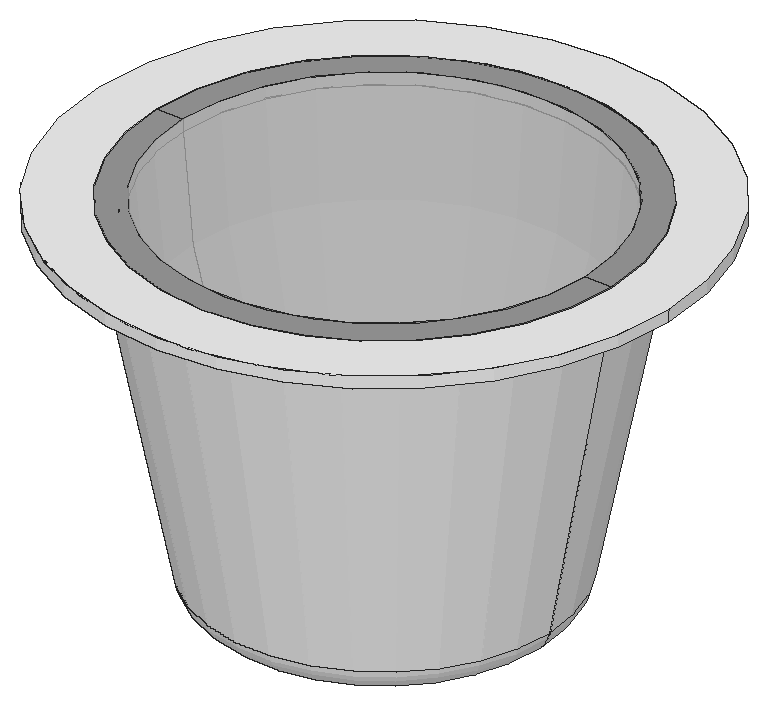
Revit family "2060510 Sylvania Lighting Fixture ASCENT100 II ARCH 900 3K STD 120", category Lighting Fixtures, host Face, Revit 2016
Family settings
  Host = Face
  Part Type = Normal
  Round Connector Dimension = Use Diameter
  OmniClass Number = 23.80.70.11.17
  OmniClass Title = Specialized Lighting by Location or Use
  Cut with Voids When Loaded = No
  Light Source = Yes
  Shared = No
  Room Calculation Point = No
Parameters (values of type "2060510 ASCT100 II ARCH 900 3K STD 120")
  Weight = "0.715 kg"
  WarrantyStartDate [instance] = "n/a"
  WarrantyGuarantorParts = "n/a"
  WarrantyDurationUnit = "n/a"
  WarrantyDurationParts = "n/a"
  WarrantyDescription = "n/a"
  Voltage = 0 V
  TypeName = "ASCENT100 II ARCH 900 3K STD 120"
  SerialNumber [instance] = "n/a"
  ReflectorRadius_SYL = Radius_SYL - 15.0 mm  # 60.0 mm
  PowerFactor = 0
  PowerConsumption = "8 W"
  NominalWidth = 0.0 mm
  NominalLength = 0.0 mm
  NominalHeight = 94.0 mm
  Name = "ASCENT100 II ARCH 900 3K STD 120"
  ModelReference = "ASCENT100 II ARCH 900 3K STD 120"
  ModelNumber = "2060510"
  Material_4_SYL = Aluminium_Sylvania_Ascent_Silver
  Radius_SYL = 75.0 mm
  Wattage = 8 W
  built-in parameter 1150110 = 1 (stored number, unit not read)
  URL = "http://www.sylvania-lighting.com"
  built-in parameter 1114217 = 1 (stored number, unit not read)
  Tilt Angle = -90°
  built-in parameter 1150109 = 1 (stored number, unit not read)
  built-in parameter 1150134 = (empty or 0)
  built-in parameter 1150113 = 1 (stored number, unit not read)
  Photometric Web File = "2060510.ies"
  Material = "aluminium housing, acrylic diffuser"
  ManufacturerName = "Feilo Sylvania"
  LuminousEfficacy = "113 lm/W"
  LuminaireType = ""
  LightOutputRatio = "100"
  LampsType = Lamp  # "LED"
  LampNominalLuminous = "900 lm"
  LampMacAdamStep = "n/a"
  LampColourTemperature = "3000 K"
  LampColourRenderingIndex = "80"
  Keynote = "16500"
  InstallationDate [instance] = "n/a"
  InputVoltage = "n/a"
  InputNominalFrequency = "n/a"
  IngressProtection = "IP40"
  ImpactProtectionIndex = "IK02"
  IfcExportType = "IfcLightFixtureType"
  IfcExportAs = "IfcLightFixtureType"
  Height_SYL = 94.0 mm
  ExpectedLife = 50000
  Emit from Circle Diameter = 2 * DiffuserRadius_SYL  # 106.0 mm
  Emit Shape Visible in Rendering = no
  ElectricShockClassification = "Class II"
  DurationUnit = "hours"
  DocumentationLiterature = "http://www.sylvania-lighting.com/product/en-int/products/2060510"
  DimmingControlOptions = "n/a"
  DiffuserRadius_SYL = ReflectorRadius_SYL - 7.0 mm  # 53.0 mm
  Material_3_SYL = Polycarbonate_Sylvania_Ascent_Clear
  Diameter_SYL = 2 * Radius_SYL  # 150.0 mm
  CutoutDiameter_SYL = Diameter_SYL - 13.0 mm  # 137.0 mm
  CreatedOn = "9/17/2018"
  CreatedBy = "@sylvania-lighting.com"
  built-in parameter 1114216 [instance] = 1 (stored number, unit not read)
  Model = "ASCENT100 II ARCH 900 3K STD 120"
  Manufacturer = "Feilo Sylvania"
  built-in parameter 1150105 = 71.938 (stored number, unit not read)
  Lumens = 904 lm
  built-in parameter 1150115 = 1 (stored number, unit not read)
  built-in parameter 1150137 = (empty or 0)
  built-in parameter 1150139 = (empty or 0)
  built-in parameter 1150112 = 1 (stored number, unit not read)
  built-in parameter 1150114 = 1 (stored number, unit not read)
  Lamp = "LED"
  built-in parameter 1150132 = 2
  built-in parameter 1150102 = (empty or 0)
  built-in parameter 1150107 = 3000 (stored number, unit not read)
  built-in parameter 1150138 = (empty or 0)
  built-in parameter 1150106 = 0.71938 (stored number, unit not read)
  Material_1_SYL = Aluminum_Sylvania_Ascent_White
  built-in parameter 1150104 = 10.498 (stored number, unit not read)
  Dimming Lamp Color Temperature Shift = <None>
  Description = "Direct LED retro fit for original LED 100 Arch (120) single CFL lamp offering Matching lumen levels and improved light distribution of original LED 100 CFL lamp equivalents Typically half the power consumption compared to CFL Up to 104lm/W 120mm aperture Architectural reflector accepts range of glass accessories from existing LED 100 Arch 120 offering HE, HO and VHO versions equivalent of single 1 x 13W, 1 x 18W, 1 x 26W Additional VVHO versions which offer the performance circa 2 x 26W equivalent"  # constant formula
  Default Elevation = 0.0 mm
  Color Filter = 16777215
  built-in parameter 1140040 [instance] = 1
  BarCode [instance] = "n/a"
  built-in parameter 1114218 = 1 (stored number, unit not read)
  built-in parameter 1150133 = 10 (stored number, unit not read)
  AssetType = "Fixed"
  AssetIdentifier [instance] = "n/a"
  Assembly Code = "D5020200"
  Apparent Load = 8 VA
  Aperture_SYL = 2 * ReflectorRadius_SYL  # 120.0 mm
  Material_2_SYL = Aluminum_Sylvania_Ascent_White
Reference planes
  plane 1 "Center (Front/Back)": y = 0
  plane 2: z = 0
  plane 3 "Center (Left/Right)": x = 0
  plane 4 "Fixture Bottom": z = 3
  plane 5: z = -52.5
  plane 6 "Fixture Top": z = -91
Forms (mm)
  Extrusion 1, solid, material "Aluminum_Sylvania_Ascent_White" <- "Material_2_SYL", detail levels fine
    sketch origin (0, 0, 0) x (1, 0, 0) y (0, 1, 0)
      loop
        circle (0, 0) r 75
      loop
        circle (0, 0) r 60
    from 0 to 3
  Extrusion 2, void
    sketch origin (0, 0, 0) x (1, 0, 0) y (0, 1, 0)
      loop
        circle (0, 0) r 68.5
    from -91 to 3
  Revolve 3, solid, material "Aluminum_Sylvania_Ascent_White" <- "Material_1_SYL", detail levels fine
    sketch origin (0, 0, 0) x (1, 0, 0) y (0, 0, 1)
      loop
        line (0, -91.073) -> (0, -89.023) -> (-35.468, -89.014)
        arc (-35.468, -89.014) -> (-39.352, -87.613) -> (-41.54, -84.139) r 6.307
        line (-41.54, -84.139) -> (-57.991, -2.844) -> (-57.991, 0) -> (-60, 0) -> (-60, -3) -> (-43.5, -84.536)
        arc (-43.5, -84.536) -> (-40.643, -89.203) -> (-35.5, -91.073) r 8.291
        line (-35.5, -91.073) -> (0, -91.073)
      axis (0, 0) -> (0, -91.073)
    angle from 0 to 360
  Revolve 4, solid, material "Aluminium_Sylvania_Ascent_Silver" <- "Material_4_SYL", detail levels fine
    sketch origin (0, 0, 0) x (1, 0, 0) y (0, 0, 1)
      loop
        line (-60, 3) -> (-60, 0) -> (-55, 0)
        arc (-55, 0) -> (-52.349, -26.77) -> (-44.5, -52.5) r 136.5
        line (-44.5, -52.5) -> (-38, -52.5)
        arc (-38, -52.5) -> (-36.857, -61.521) -> (-33.5, -69.971) r 36.166
        line (-33.5, -69.971) -> (0, -69.971) -> (0, -50.5) -> (-43.16, -50.5)
        arc (-43.16, -50.5) -> (-50.517, -25.725) -> (-53, 0) r 134.5
        line (-53, 0) -> (-53, 3) -> (-60, 3)
      axis (0, 3) -> (0, -69.971)
    angle from 0 to 360
  Extrusion 5, solid, material "Polycarbonate_Sylvania_Ascent_Clear" <- "Material_3_SYL", detail levels fine
    sketch origin (0, 0, 0) x (1, 0, 0) y (0, 1, 0)
      loop
        circle (0, 0) r 53
    from 0 to 3
  Revolve 6, solid, material "Aluminum_Sylvania_Ascent_White" <- "Material_2_SYL", detail levels coarse+medium
    sketch origin (0, 0, 0) x (1, 0, 0) y (0, 0, 1)
      loop
        line (0, -91.073) -> (0, 3) -> (-75, 3) -> (-75, 0) -> (-60, 0) -> (-60, -3) -> (-43.5, -84.536)
        arc (-43.5, -84.536) -> (-40.643, -89.203) -> (-35.5, -91.073) r 8.291
        line (-35.5, -91.073) -> (0, -91.073)
      axis (0, 3) -> (0, -91.073)
    angle from 0 to 360
Dimensions and locks
  locked: plane 4 "Fixture Bottom" to plane 2 at 3
  "Height_SYL": plane 4 "Fixture Bottom" to plane 6 "Fixture Top"
  "ReflectorRadius_SYL": plane 3 "Center (Left/Right)" to Revolve 4 sketch curve
  locked: Revolve 4 sketch curve to Revolve 4 sketch curve at 15.5
  locked: Revolve 4 sketch curve to Revolve 4 sketch curve at 5
  locked: Revolve 4 sketch curve to Revolve 4 sketch curve at 7
  locked: Revolve 4 sketch curve to Revolve 4 sketch curve at 22
  locked: Revolve 4 sketch curve to Revolve 4 sketch curve at 26.5
  locked: Revolve 3 sketch curve to Revolve 3 sketch curve at 16.5
  locked: Revolve 3 sketch curve to Revolve 3 sketch curve at 24.5
  "ReflectorRadius_SYL": Revolve 3 sketch curve to plane 3 "Center (Left/Right)"
  locked: Revolve 3 sketch curve to plane 6 "Fixture Top" at 6.464
  locked: plane 2 to Revolve 3 sketch curve at 3
  locked: Revolve 3 sketch curve to Revolve 3 sketch curve at 2
  locked: Revolve 3 sketch curve to Revolve 3 sketch curve at 2.009
  locked: plane 2 to plane 5 at 52.5
  locked: Revolve 6 sketch curve to Revolve 6 sketch curve at 31.5
  locked: Revolve 6 sketch curve to Revolve 6 sketch curve at 39.5
  locked: Revolve 6 sketch curve to Revolve 6 sketch curve at 15
  "Radius_SYL": plane 3 "Center (Left/Right)" to Revolve 6 sketch curve
  "CutoutDiameter_SYL": diameter of Extrusion 2 sketch curve
  "ReflectorRadius_SYL": radius of Extrusion 1 sketch curve
  "DiffuserRadius_SYL": radius of Extrusion 5 sketch curve
  "Radius_SYL": radius of Extrusion 1 sketch curve
  aligned and locked: host face to plane 2
  aligned and locked: host face to level
  aligned and locked: plane 1 "Center (Front/Back)" to imposter light
  aligned and locked: plane 3 "Center (Left/Right)" to imposter light
  aligned and locked: plane 4 "Fixture Bottom" to Extrusion 1
  aligned and locked: Extrusion 1 to plane 2
  aligned and locked: Revolve 3 sketch curve to plane 3 "Center (Left/Right)"
  aligned and locked: Revolve 4 sketch curve to plane 3 "Center (Left/Right)"  (x2)
  aligned and locked: plane 4 "Fixture Bottom" to Revolve 4 sketch curve
  aligned and locked: Revolve 3 sketch curve to imposter light
  aligned and locked: Extrusion 5 to plane 2
  aligned and locked: imposter light to Extrusion 5
  aligned and locked: plane 2 to Revolve 3 sketch curve  (x2)
  aligned and locked: Revolve 6 sketch curve to imposter light
  aligned and locked: Revolve 6 sketch curve to plane 3 "Center (Left/Right)"
  aligned and locked: plane 6 "Fixture Top" to Extrusion 2
  aligned and locked: imposter light to Extrusion 2
  aligned and locked: imposter light to plane 4 "Fixture Bottom"
Automatic sketch dimensions
  plane 1 "Center (Front/Back)" to Extrusion 2 sketch curve = 0.0 mm
  Extrusion 2 sketch curve to plane 3 "Center (Left/Right)" = 0.0 mm
  Extrusion 1 sketch curve to Extrusion 1 sketch curve = 0.0 mm  (x2)
  plane 1 "Center (Front/Back)" to Extrusion 1 sketch curve = 0.0 mm
  Extrusion 1 sketch curve to plane 3 "Center (Left/Right)" = 0.0 mm
  plane 6 "Fixture Top" to Revolve 3 sketch curve = 0.073 mm
  Revolve 3 sketch curve to plane 6 "Fixture Top" = 6.861 mm
  Revolve 3 sketch curve to Revolve 3 sketch curve = 0.003 mm
  Revolve 3 sketch curve to Revolve 3 sketch curve = 0.009 mm  (x2)
  Revolve 3 sketch curve to Revolve 3 sketch curve = 0.023 mm
  Revolve 3 sketch curve to Revolve 3 sketch curve = 0.072 mm
  Revolve 3 sketch curve to Revolve 3 sketch curve = 0.008 mm
  Revolve 3 sketch curve to plane 6 "Fixture Top" = 1.977 mm
  Revolve 3 sketch curve to Revolve 3 sketch curve = 33.496 mm
  Revolve 3 sketch curve to Revolve 3 sketch curve = 0.028 mm
  plane 4 "Fixture Bottom" to Revolve 3 sketch curve = 82.431 mm
  Revolve 4 sketch curve to Revolve 4 sketch curve = 0.0 mm  (x2)
  Revolve 4 sketch curve to plane 5 = 0.0 mm
  Revolve 4 sketch curve to level = 0.0 mm
  plane 5 to Revolve 4 sketch curve = 2.0 mm
  plane 4 "Fixture Bottom" to Revolve 4 sketch curve = 9.642 mm
  plane 1 "Center (Front/Back)" to Extrusion 5 sketch curve = 0.0 mm
  Extrusion 5 sketch curve to plane 3 "Center (Left/Right)" = 0.0 mm
  Revolve 4 sketch curve to level = 69.971 mm
  Revolve 4 sketch curve to Revolve 4 sketch curve = 2.387 mm
  Revolve 6 sketch curve to level = 0.0 mm
  Revolve 6 sketch curve to plane 3 "Center (Left/Right)" = 0.0 mm
  Revolve 6 sketch curve to Revolve 6 sketch curve = 8.104 mm
  Revolve 6 sketch curve to level = 3.0 mm
  Revolve 6 sketch curve to plane 6 "Fixture Top" = 6.464 mm
  plane 6 "Fixture Top" to Revolve 6 sketch curve = 0.073 mm
  Revolve 6 sketch curve to Revolve 6 sketch curve = 33.496 mm
  plane 4 "Fixture Bottom" to Revolve 6 sketch curve = 82.431 mm
  host sketch curve to host sketch curve = 1368.192 mm
  host sketch curve to host sketch curve = 1600.367 mm
Connectors
  electrical at (0, 0, -91.073), driven by "Apparent Load"
    settings: on Revolve 3, index 1, voltage 240 V, apparent load 0 VA, apparent load phase1 8 VA, apparent load phase2 0 VA, apparent load phase3 0 VA, power factor 1, load classification "Lighting", number of poles 1, system type 31, power factor state 1, is connector primary yes, connector utility no, sub classification motor no, connector description ""
